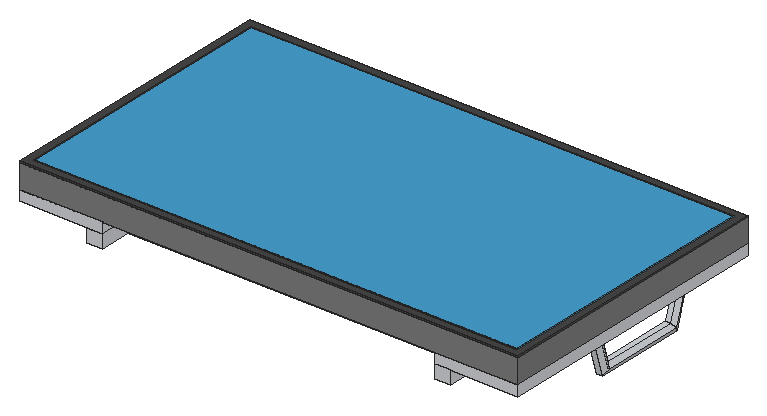
Revit family
Parameters (values of type "P461")
  URL = "http://www.necdisplay.com/Products/Product/?product=b50d4ad8-39ff-43f6-a81b-618bc437db40"
  Display (Viewing Angle) = "89º"
  Display (Viewable image Size) = 46.000"
  VESA Hole Configuration Specifications = "300 x 300mm (4 hole)"
  Sync Range (Vert.) = "50-85 Hz"
  Sync Range (Horiz) = "31.5 to 91.1 KHz"
  Screen Thickness = 2.130"
  Power Consumption = "199 W"
  Display (Repsonse Time) = "8ms gray-to-gray"
  Display (Pixel Pitch) = "0.53 mm"
  Display (Pixel Per inch) = "34 @ native resolution"
  Panel height = 19.190"
  Panel Width = 31.690"
  Panel Thickness = 2.240"
  Overall Width = 41.590"
  Overall Height = 23.980"
  Native Resolution = "1920 X 1080"
  Model = "P461"
  Manufacturer = "NEC"
  Input Signal (Video) = "ANALOG RGB 0.7 Vp-p/75 Ohms"
  Input Signal (Sync) = "Separate: TTL Level (Pos/Neg); Composite Sync; Composite Sync on Green"
  Input Connectors = "DVI-D, 15pin Dsub, Analog BNC, Composite (Shared RCA/BNC), S-Video, Component, HDMI, DisplayPort"
  Display (Contrast Ratio) = "4000:1"
  Display (Brightness) = "500 cd/m2 (typ); 650 (max)"
  Description = "Large-Screen LCD Display Business"
  Default Elevation = 48.000"
  Cost = 1999
Reference planes (in)
  plane 1 "Center (Front/Back)": y = 0
  plane 2: z = 0
  plane 3 "Center (Left/Right)": x = 0
  plane 4 "front of panel": z = 2.6
  plane 5 "Back of Screen": z = 3.49
  plane 6 "Face of Screen": z = 5.49
  plane 7 "right Panel Face": x = 15.845
  plane 8 "left panel face": x = -15.845
  plane 9 "handle": x = -19.86723
  plane 10 "handle bottom": z = 2.4
  plane 11: x = 19.86723
  plane 12 "bottom face": y = -13.025
  plane 13 "panel bottom": y = -8.285
Forms (in)
  Extrusion 1, solid, not visible
    sketch origin (0, 0, 0) x (1, 0, 0) y (0, 1, 0)
      loop
        line (-48, 48) -> (-48, -48) -> (48, -48) -> (48, 48) -> (-48, 48)
    from 0 to -12
  Extrusion 2, solid
    sketch origin (0, 0, 0) x (1, 0, 0) y (0, 1, 0)
      loop
        line (-15.845, 8.285) -> (-15.845, -8.285) -> (15.845, -8.285) -> (15.845, 8.285) -> (-15.845, 8.285)
    from 0 to 3.49
  Extrusion 3, solid
    sketch origin (0, 0, 2.6) x (1, 0, 0) y (0, 1, 0)
      loop
        line (-20.795, 10.955) -> (-20.795, -13.025) -> (20.795, -13.025) -> (20.795, 10.955) -> (-20.795, 10.955)
    from 0 to 0.89
  Extrusion 4, solid, material "Render Material 0-255-0"
    sketch origin (0, 0, 3.49) x (0, 1, 0) y (-1, 0, 0)
      loop
        line (10.955, 20.795) -> (-13.025, 20.795) -> (-13.025, -20.795) -> (10.955, -20.795) -> (10.955, 20.795)
    from 0 to 2
  Extrusion 5, solid, material "Render Material 255-255-255"
    sketch origin (0, 0, 5.49) x (0, -1, 0) y (1, 0, 0)
      loop
        line (-10.955, -20.795) -> (13.025, -20.795) -> (13.025, 20.795) -> (-10.955, 20.795) -> (-10.955, -20.795)
      loop
        line (12.375, -20.145) -> (12.375, 20.145) -> (-10.305, 20.145) -> (-10.305, -20.145) -> (12.375, -20.145)
    from 0 to 0.13
  Extrusion 6, solid
    sketch origin (-15.845, 0, 0) x (0, -1, 0) y (0, 0, 1)
      loop
        line (-8.285, 2.6) -> (-5.685, 0) -> (-5.685, 2.6) -> (-8.285, 2.6)
    from 0 to -31.69
  Extrusion 7, void
    sketch origin (-15.845, 0, 0) x (0, -1, 0) y (0, 0, 1)
      loop
        line (-8.285, 2.6) -> (-8.285, 0) -> (-5.685, 0) -> (-8.285, 2.6)
    from 0 to -31.69
  Extrusion 8, solid
    sketch origin (-39.57928, -1.65048, 2.6) x (1, 0, 0) y (0, 1, 0)
      loop
        line (19.21205, 7.35205) -> (19.21205, 5.85205) -> (20.21205, 5.85205) -> (20.21205, 7.35205) -> (19.21205, 7.35205)
    from 0 to -0.2
  Extrusion 9, solid
    sketch origin (-39.57928, -10.40048, 2.6) x (1, 0, 0) y (0, 1, 0)
      loop
        line (19.21205, 7.35205) -> (19.21205, 5.85205) -> (20.21205, 5.85205) -> (20.21205, 7.35205) -> (19.21205, 7.35205)
    from 0 to -0.2
  Sweep 10, solid
    path in 3D
      loop
        line (-19.86723, 4.95157, 2.4) -> (-19.86723, 4.12518, 0) -> (-19.86723, -3.06468, 0) -> (-19.86723, -3.79843, 2.4)
    profile origin (-19.86723, 4.53838, 1.2) x (0, -0.945519, 0.325568) y (-1, 0, 0)
      loop
        line (-0.04579, 0.47759) -> (-0.43686, 0.2388) -> (-0.43686, -0.2388) -> (-0.04579, -0.47759) -> (0.34528, -0.2388) -> (0.34528, 0.2388) -> (-0.04579, 0.47759)
  Extrusion 11, solid
    sketch origin (39.57928, -1.65048, 2.6) x (-1, 0, 0) y (0, -1, 0)
      loop
        line (19.21205, -7.35205) -> (20.21205, -7.35205) -> (20.21205, -5.85205) -> (19.21205, -5.85205) -> (19.21205, -7.35205)
    from 0 to -0.2
  Extrusion 12, solid
    sketch origin (39.57928, -10.40048, 2.6) x (-1, 0, 0) y (0, -1, 0)
      loop
        line (19.21205, -7.35205) -> (20.21205, -7.35205) -> (20.21205, -5.85205) -> (19.21205, -5.85205) -> (19.21205, -7.35205)
    from 0 to -0.2
  Sweep 13, solid
    path in 3D
      loop
        line (19.86723, 4.95157, 2.4) -> (19.86723, 4.12518, 0) -> (19.86723, -3.06468, 0) -> (19.86723, -3.79843, 2.4)
    profile origin (19.86723, 4.53838, 1.2) x (0, 0.945519, -0.325568) y (1, 0, 0)
      loop
        line (-0.04579, 0.47759) -> (-0.43686, 0.2388) -> (-0.43686, -0.2388) -> (-0.04579, -0.47759) -> (0.34528, -0.2388) -> (0.34528, 0.2388) -> (-0.04579, 0.47759)
  Extrusion 14, void, detail levels fine
    sketch origin (0, 0, 2.6) x (1, 0, 0) y (0, 1, 0)
      loop
        line (-13.86708, -8.285) -> (-13.86708, -13.025) -> (13.86708, -13.025) -> (13.86708, -8.285) -> (-13.86708, -8.285)
    from 0 to 0.89
  Extrusion 15, solid
    sketch origin (0, 0, 2.6) x (1, 0, 0) y (0, 1, 0)
      loop
        line (13.86708, -8.285) -> (13.86708, -13.025) -> (15.17428, -13.025) -> (15.17428, -8.285) -> (13.86708, -8.285)
    from 0 to -1.10405
  Extrusion 16, solid
    sketch origin (0, 0, 2.6) x (-1, 0, 0) y (0, -1, 0)
      loop
        line (13.86708, 8.285) -> (15.17428, 8.285) -> (15.17428, 13.025) -> (13.86708, 13.025) -> (13.86708, 8.285)
    from 0 to -1.10405
  Extrusion 17, solid, material "Render Material 255-255-0"
    sketch origin (0, 0, 5.49) x (0, -1, 0) y (1, 0, 0)
      loop
        line (-10.305, -20.145) -> (12.375, -20.145) -> (12.375, 20.145) -> (-10.305, 20.145) -> (-10.305, -20.145)
    from 0 to 0.13
Cuts and joins
  Extrusion 7, Extrusion 14 cuts Extrusion 2
  Extrusion 7, Extrusion 14 cuts Extrusion 6
  joined: Extrusion 2, Extrusion 6
  Extrusion 7, Extrusion 14 cuts Extrusion 3
  Extrusion 14 cuts Extrusion 4
Lines and regions (in)
  reference lines
    curve 1: line (-15.845, 8.285, 0) -> (15.845, 8.285, 0)
    curve 2: line (-15.845, -8.285, 0) -> (-15.845, 8.285, 0)
    curve 3: line (15.845, -8.285, 0) -> (-15.845, -8.285, 0)
    curve 4: line (15.845, 8.285, 0) -> (15.845, -8.285, 0)
    curve 5: line (-20.795, 10.955, 2.6) -> (20.795, 10.955, 2.6)
    curve 6: line (-20.795, -13.025, 2.6) -> (-20.795, 10.955, 2.6)
    curve 7: line (20.795, -13.025, 2.6) -> (-20.795, -13.025, 2.6)
    curve 8: line (20.795, 10.955, 2.6) -> (20.795, -13.025, 2.6)
    curve 9: line (-15.845, 8.285, 2.6) -> (-15.845, 17.285, 2.6)
    curve 10: line (15.845, 8.285, 2.6) -> (15.845, 17.285, 2.6)
    curve 11: line (15.845, 8.285, 2.6) -> (25.845, 8.285, 2.6)
    curve 12: line (-20.795, 10.955, 2.6) -> (-34.795, 10.955, 2.6)
    curve 13: line (-20.795, -13.025, 2.6) -> (-34.795, -13.025, 2.6)
    curve 14: line (20.795, -13.025, 2.6) -> (20.795, -23.025, 2.6)
    curve 15: line (-20.795, -13.025, 2.6) -> (-20.795, -23.025, 2.6)
    curve 16: line (-14.845, -8.285, 2.6) -> (-34.795, -8.285, 2.6)
    curve 17: line (-20.145, 17.285, 5.49) -> (-20.145, -16.715, 5.49)
    curve 18: line (-26.06456, -12.375, 5.49) -> (25.845, -12.375, 5.49)
    curve 19: line (-26.06456, 10.305, 5.49) -> (26.93544, 10.305, 5.49)
    curve 20: line (20.145, 19.3493, 5.49) -> (20.145, -18.6507, 5.49)
    curve 21: line (-15.845, 8.285, 0) -> (-15.845, 24.285, 0)
    curve 22: line (20.795, 10.955, 2.6) -> (27.795, 10.955, 2.6)
    curve 23: line (15.845, 10.955, 3.49) -> (26.845, 10.955, 3.49)
    curve 24: line (20.795, 10.955, 3.49) -> (36.795, 10.955, 3.49)
    curve 25: line (20.795, 10.955, 3.49) -> (20.795, 19.205, 3.49)
    curve 26: line (20.795, 10.955, 3.49) -> (18.045, 6.19186, 3.49)
    curve 27: line (15.845, 3.75, 3.49) -> (7.595, 3.75, 3.49)
    curve 29: line (-19.86723, 5.70157, 2.6) -> (-19.86723, -4.54843, 2.6)
    curve 30: line (-19.86723, 5.70157, 0) -> (-19.86723, -4.54843, 0)
    curve 31: line (-19.86723, 5.70157, 0) -> (-19.86723, -4.54843, 0)
    curve 32: line (-19.86723, 4.95157, 2.4) -> (-19.86723, 4.12518, 0)
    curve 33: line (-19.86723, 4.12518, 0) -> (-19.86723, -3.06468, 0)
    curve 34: line (-19.86723, -3.06468, 0) -> (-19.86723, -3.79843, 2.4)
    curve 65: line (-20.795, 10.955, 2.6) -> (-20.795, 26.955, 2.6)
    curve 66: line (-21.05804, 11.74459, 3.49) -> (-21.05804, 27.74459, 3.49)
    curve 67: line (20.795, 10.955, 2.6) -> (20.795, 22.955, 2.6)
    curve 68: line (5.915, -27.25541, 2.6) -> (5.915, 27.74459, 2.6)
    curve 69: line (-5.915, -27.25541, 2.6) -> (-5.915, 27.74459, 2.6)
    curve 70: line (-26.06456, 4.875, 2.6) -> (39.93544, 4.875, 2.6)
    curve 71: line (0, -8.285, 3.49) -> (0, -36.285, 3.49)
    curve 72: line (14.505, -8.285, 3.49) -> (14.505, -36.285, 3.49)
    curve 73: line (-14.505, -8.285, 3.49) -> (-14.505, -36.285, 3.49)
  model lines
    curve 28: line (18.895, 10.955, 3.49) -> (18.895, -13.025, 3.49)
    curve 35: line (-20.10602, 4.58639, 2.4) -> (-19.62843, 4.58639, 2.4)
    curve 36: line (-19.62843, 4.58639, 2.4) -> (-19.38963, 5, 2.4)
    curve 37: line (-19.38963, 5, 2.4) -> (-19.62843, 5.41361, 2.4)
    curve 38: line (-19.62843, 5.41361, 2.4) -> (-20.10602, 5.41361, 2.4)
    curve 39: line (-20.10602, 5.41361, 2.4) -> (-20.34482, 5, 2.4)
    curve 40: line (-20.34482, 5, 2.4) -> (-20.10602, 4.58639, 2.4)
    curve 41: line (-19.86723, 4.95157, 2.4) -> (-19.86723, 4.12518, 0)
    curve 42: line (-19.86723, 4.12518, 0) -> (-19.86723, -3.06468, 0)
    curve 43: line (-19.86723, -3.06468, 0) -> (-19.86723, -3.79843, 2.4)
    curve 47: line (20.10602, 4.58639, 2.4) -> (19.62843, 4.58639, 2.4)
    curve 48: line (19.62843, 4.58639, 2.4) -> (19.38963, 5, 2.4)
    curve 49: line (19.38963, 5, 2.4) -> (19.62843, 5.41361, 2.4)
    curve 50: line (19.62843, 5.41361, 2.4) -> (20.10602, 5.41361, 2.4)
    curve 51: line (20.10602, 5.41361, 2.4) -> (20.34482, 5, 2.4)
    curve 52: line (20.34482, 5, 2.4) -> (20.10602, 4.58639, 2.4)
    curve 53: line (19.86723, 4.95157, 2.4) -> (19.86723, 4.12518, 0)
    curve 54: line (19.86723, 4.12518, 0) -> (19.86723, -3.06468, 0)
    curve 55: line (19.86723, -3.06468, 0) -> (19.86723, -3.79843, 2.4)
    curve 59: line (18.895, 10.955, 2.6) -> (18.895, -13.025, 2.6)
    curve 60: line (15.845, 10.955, 2.6) -> (15.845, -8.285, 2.6)
    curve 61: line (-18.895, 10.955, 2.6) -> (-18.895, -13.025, 2.6)
    curve 62: line (-15.845, 10.955, 2.6) -> (-15.845, -8.285, 2.6)
    curve 63: line (15.17428, -8.285, 2.6) -> (15.17428, -13.025, 2.6)
    curve 64: line (-15.17428, -8.285, 2.6) -> (-15.17428, -13.025, 2.6)
    curve 74: line (15.17428, -8.285, 2.6) -> (15.17428, -13.025, 2.6)
    curve 75: line (-1.38142, -8.285, 1.5748) -> (-1.81372, -8.285, 1.5748)
    curve 76: arc (-1.81372, -8.285, 1.5748) -> (-1.87539, -8.285, 1.55309) -> (-1.90985, -8.285, 1.49752) r 0.09843
    curve 77: line (-1.90985, -8.285, 1.49752) -> (-1.95316, -8.285, 1.30067)
    curve 78: arc (-1.95316, -8.285, 1.30067) -> (-1.93374, -8.285, 1.21786) -> (-1.85703, -8.285, 1.1811) r 0.09843
    curve 79: line (-1.85703, -8.285, 1.1811) -> (-1.33812, -8.285, 1.1811)
    curve 80: arc (-1.33812, -8.285, 1.1811) -> (-1.26141, -8.285, 1.21786) -> (-1.24199, -8.285, 1.30067) r 0.09843
    curve 81: line (-1.24199, -8.285, 1.30067) -> (-1.2853, -8.285, 1.49752)
    curve 82: arc (-1.2853, -8.285, 1.49752) -> (-1.31975, -8.285, 1.55309) -> (-1.38142, -8.285, 1.5748) r 0.09843
    curve 83: line (-1.39644, -8.285, 1.53346) -> (-1.79753, -8.285, 1.53346)
    curve 84: arc (-1.79753, -8.285, 1.53346) -> (-1.84814, -8.285, 1.51504) -> (-1.87507, -8.285, 1.4684) r 0.07874
    curve 85: line (-1.90214, -8.285, 1.31485) -> (-1.87507, -8.285, 1.4684)
    curve 86: arc (-1.90214, -8.285, 1.31485) -> (-1.88492, -8.285, 1.25057) -> (-1.8246, -8.285, 1.22244) r 0.07874
    curve 87: line (-1.36936, -8.285, 1.22244) -> (-1.8246, -8.285, 1.22244)
    curve 88: arc (-1.36936, -8.285, 1.22244) -> (-1.30905, -8.285, 1.25057) -> (-1.29182, -8.285, 1.31485) r 0.07874
    curve 89: line (-1.29182, -8.285, 1.31485) -> (-1.31889, -8.285, 1.4684)
    curve 90: arc (-1.31889, -8.285, 1.4684) -> (-1.34583, -8.285, 1.51504) -> (-1.39644, -8.285, 1.53346) r 0.07874
    curve 91: line (-1.79753, -8.285, 1.51378) -> (-1.39644, -8.285, 1.51378)
    curve 92: arc (-1.79753, -8.285, 1.51378) -> (-1.83549, -8.285, 1.49996) -> (-1.85568, -8.285, 1.46498) r 0.05906
    curve 93: arc (-1.33828, -8.285, 1.46498) -> (-1.35848, -8.285, 1.49996) -> (-1.39644, -8.285, 1.51378) r 0.05906
    curve 94: line (-1.33828, -8.285, 1.46498) -> (-1.31121, -8.285, 1.31143)
    curve 95: arc (-1.36936, -8.285, 1.24212) -> (-1.32413, -8.285, 1.26322) -> (-1.31121, -8.285, 1.31143) r 0.05905
    curve 96: line (-1.8246, -8.285, 1.24212) -> (-1.36936, -8.285, 1.24212)
    curve 97: arc (-1.88276, -8.285, 1.31143) -> (-1.86984, -8.285, 1.26322) -> (-1.8246, -8.285, 1.24212) r 0.05905
    curve 98: line (-1.85568, -8.285, 1.46498) -> (-1.88276, -8.285, 1.31143)
    curve 99: circle (-1.40683, -8.285, 1.45886) r 0.01969 normal (0, -1, 0)
    curve 100: circle (-1.49698, -8.285, 1.45886) r 0.01969 normal (0, -1, 0)
    curve 101: circle (-1.58714, -8.285, 1.45886) r 0.01969 normal (0, -1, 0)
    curve 102: circle (-1.6773, -8.285, 1.45886) r 0.01969 normal (0, -1, 0)
    curve 103: circle (-1.76745, -8.285, 1.45886) r 0.01969 normal (0, -1, 0)
    curve 104: circle (-1.81253, -8.285, 1.3809) r 0.01969 normal (0, -1, 0)
    curve 105: circle (-1.72238, -8.285, 1.3809) r 0.01969 normal (0, -1, 0)
    curve 106: circle (-1.63222, -8.285, 1.3809) r 0.01969 normal (0, -1, 0)
    curve 107: circle (-1.54206, -8.285, 1.3809) r 0.01969 normal (0, -1, 0)
    curve 108: circle (-1.4519, -8.285, 1.3809) r 0.01969 normal (0, -1, 0)
    curve 109: circle (-1.40683, -8.285, 1.30295) r 0.01969 normal (0, -1, 0)
    curve 110: circle (-1.49698, -8.285, 1.30295) r 0.01969 normal (0, -1, 0)
    curve 111: circle (-1.58714, -8.285, 1.30295) r 0.01969 normal (0, -1, 0)
    curve 112: circle (-1.6773, -8.285, 1.30295) r 0.01969 normal (0, -1, 0)
    curve 113: circle (-1.76745, -8.285, 1.30295) r 0.01969 normal (0, -1, 0)
    curve 114: line (-1.19541, -8.285, 1.43012) -> (-1.19541, -8.285, 1.32579)
    curve 115: line (-1.0147, -8.285, 1.32579) -> (-1.0147, -8.285, 1.43012)
    curve 116: line (-1.10505, -8.285, 1.48228) -> (-1.19541, -8.285, 1.43012)
    curve 117: line (-1.0147, -8.285, 1.43012) -> (-1.10505, -8.285, 1.48228)
    curve 118: line (-1.10505, -8.285, 1.27362) -> (-1.0147, -8.285, 1.32579)
    curve 119: line (-1.19541, -8.285, 1.32579) -> (-1.10505, -8.285, 1.27362)
    curve 120: line (-1.1645, -8.285, 2.36023) -> (-2.03064, -8.285, 2.36023)
    curve 121: arc (-2.03064, -8.285, 2.36023) -> (-2.10024, -8.285, 2.33141) -> (-2.12907, -8.285, 2.26181) r 0.09843
    curve 122: line (-2.12907, -8.285, 2.26181) -> (-2.12907, -8.285, 2.10039)
    curve 123: arc (-2.12907, -8.285, 2.10039) -> (-2.10024, -8.285, 2.03079) -> (-2.03064, -8.285, 2.00197) r 0.09843
    curve 124: line (-2.03064, -8.285, 2.00197) -> (-1.1645, -8.285, 2.00197)
    curve 125: arc (-1.1645, -8.285, 2.00197) -> (-1.09491, -8.285, 2.03079) -> (-1.06608, -8.285, 2.10039) r 0.09843
    curve 126: line (-1.06608, -8.285, 2.10039) -> (-1.06608, -8.285, 2.26181)
    curve 127: arc (-1.06608, -8.285, 2.26181) -> (-1.09491, -8.285, 2.33141) -> (-1.1645, -8.285, 2.36023) r 0.09843
    curve 128: line (-1.20041, -8.285, 2.33267) -> (-1.99355, -8.285, 2.33267)
    curve 129: arc (-1.99355, -8.285, 2.33267) -> (-2.0246, -8.285, 2.32386) -> (-2.04638, -8.285, 2.30003) r 0.05906
    curve 130: line (-2.06319, -8.285, 2.2664) -> (-2.04638, -8.285, 2.30003)
    curve 131: line (-2.06942, -8.285, 2.08858) -> (-2.06942, -8.285, 2.23999)
    curve 132: arc (-2.06942, -8.285, 2.08858) -> (-2.05213, -8.285, 2.04682) -> (-2.01037, -8.285, 2.02953) r 0.05906
    curve 133: line (-1.1836, -8.285, 2.02953) -> (-2.01037, -8.285, 2.02953)
    curve 134: arc (-1.1836, -8.285, 2.02953) -> (-1.14184, -8.285, 2.04682) -> (-1.12454, -8.285, 2.08858) r 0.05906
    curve 135: line (-1.12454, -8.285, 2.08858) -> (-1.12454, -8.285, 2.23999)
    curve 136: arc (-1.14759, -8.285, 2.30003) -> (-1.16936, -8.285, 2.32386) -> (-1.20041, -8.285, 2.33267) r 0.05906
    curve 137: line (-1.13078, -8.285, 2.2664) -> (-1.14759, -8.285, 2.30003)
    curve 138: line (-1.78448, -8.285, 2.28602) -> (-1.72543, -8.285, 2.28602)
    curve 139: line (-1.78448, -8.285, 2.22697) -> (-1.78448, -8.285, 2.28602)
    curve 140: line (-1.72543, -8.285, 2.22697) -> (-1.78448, -8.285, 2.22697)
    curve 141: line (-1.72543, -8.285, 2.28602) -> (-1.72543, -8.285, 2.22697)
    curve 142: line (-1.70948, -8.285, 2.28602) -> (-1.65043, -8.285, 2.28602)
    curve 143: line (-1.70948, -8.285, 2.22697) -> (-1.70948, -8.285, 2.28602)
    curve 144: line (-1.65043, -8.285, 2.22697) -> (-1.70948, -8.285, 2.22697)
    curve 145: line (-1.65043, -8.285, 2.28602) -> (-1.65043, -8.285, 2.22697)
    curve 146: line (-1.63448, -8.285, 2.28602) -> (-1.57543, -8.285, 2.28602)
    curve 147: line (-1.63448, -8.285, 2.22697) -> (-1.63448, -8.285, 2.28602)
    curve 148: line (-1.57543, -8.285, 2.22697) -> (-1.63448, -8.285, 2.22697)
    curve 149: line (-1.57543, -8.285, 2.28602) -> (-1.57543, -8.285, 2.22697)
    curve 150: line (-1.55948, -8.285, 2.28602) -> (-1.50043, -8.285, 2.28602)
    curve 151: line (-1.55948, -8.285, 2.22697) -> (-1.55948, -8.285, 2.28602)
    curve 152: line (-1.50043, -8.285, 2.22697) -> (-1.55948, -8.285, 2.22697)
    curve 153: line (-1.50043, -8.285, 2.28602) -> (-1.50043, -8.285, 2.22697)
    curve 154: line (-1.48448, -8.285, 2.28602) -> (-1.42543, -8.285, 2.28602)
    curve 155: line (-1.48448, -8.285, 2.22697) -> (-1.48448, -8.285, 2.28602)
    curve 156: line (-1.42543, -8.285, 2.22697) -> (-1.48448, -8.285, 2.22697)
    curve 157: line (-1.42543, -8.285, 2.28602) -> (-1.42543, -8.285, 2.22697)
    curve 158: line (-1.40948, -8.285, 2.28602) -> (-1.35043, -8.285, 2.28602)
    curve 159: line (-1.40948, -8.285, 2.22697) -> (-1.40948, -8.285, 2.28602)
    curve 160: line (-1.35043, -8.285, 2.22697) -> (-1.40948, -8.285, 2.22697)
    curve 161: line (-1.35043, -8.285, 2.28602) -> (-1.35043, -8.285, 2.22697)
    curve 162: line (-1.33448, -8.285, 2.28602) -> (-1.27543, -8.285, 2.28602)
    curve 163: line (-1.33448, -8.285, 2.22697) -> (-1.33448, -8.285, 2.28602)
    curve 164: line (-1.27543, -8.285, 2.22697) -> (-1.33448, -8.285, 2.22697)
    curve 165: line (-1.27543, -8.285, 2.28602) -> (-1.27543, -8.285, 2.22697)
    curve 166: line (-1.25948, -8.285, 2.28602) -> (-1.20043, -8.285, 2.28602)
    curve 167: line (-1.25948, -8.285, 2.22697) -> (-1.25948, -8.285, 2.28602)
    curve 168: line (-1.20043, -8.285, 2.22697) -> (-1.25948, -8.285, 2.22697)
    curve 169: line (-1.20043, -8.285, 2.28602) -> (-1.20043, -8.285, 2.22697)
    curve 170: line (-1.78448, -8.285, 2.21102) -> (-1.72543, -8.285, 2.21102)
    curve 171: line (-1.78448, -8.285, 2.15197) -> (-1.78448, -8.285, 2.21102)
    curve 172: line (-1.72543, -8.285, 2.15197) -> (-1.78448, -8.285, 2.15197)
    curve 173: line (-1.72543, -8.285, 2.21102) -> (-1.72543, -8.285, 2.15197)
    curve 174: line (-1.70948, -8.285, 2.21102) -> (-1.65043, -8.285, 2.21102)
    curve 175: line (-1.70948, -8.285, 2.15197) -> (-1.70948, -8.285, 2.21102)
    curve 176: line (-1.65043, -8.285, 2.15197) -> (-1.70948, -8.285, 2.15197)
    curve 177: line (-1.65043, -8.285, 2.21102) -> (-1.65043, -8.285, 2.15197)
    curve 178: line (-1.63448, -8.285, 2.21102) -> (-1.57543, -8.285, 2.21102)
    curve 179: line (-1.63448, -8.285, 2.15197) -> (-1.63448, -8.285, 2.21102)
    curve 180: line (-1.57543, -8.285, 2.15197) -> (-1.63448, -8.285, 2.15197)
    curve 181: line (-1.57543, -8.285, 2.21102) -> (-1.57543, -8.285, 2.15197)
    curve 182: line (-1.55948, -8.285, 2.21102) -> (-1.50043, -8.285, 2.21102)
    curve 183: line (-1.55948, -8.285, 2.15197) -> (-1.55948, -8.285, 2.21102)
    curve 184: line (-1.50043, -8.285, 2.15197) -> (-1.55948, -8.285, 2.15197)
    curve 185: line (-1.50043, -8.285, 2.21102) -> (-1.50043, -8.285, 2.15197)
    curve 186: line (-1.48448, -8.285, 2.21102) -> (-1.42543, -8.285, 2.21102)
    curve 187: line (-1.48448, -8.285, 2.15197) -> (-1.48448, -8.285, 2.21102)
    curve 188: line (-1.42543, -8.285, 2.15197) -> (-1.48448, -8.285, 2.15197)
    curve 189: line (-1.42543, -8.285, 2.21102) -> (-1.42543, -8.285, 2.15197)
    curve 190: line (-1.40948, -8.285, 2.21102) -> (-1.35043, -8.285, 2.21102)
    curve 191: line (-1.40948, -8.285, 2.15197) -> (-1.40948, -8.285, 2.21102)
    curve 192: line (-1.35043, -8.285, 2.15197) -> (-1.40948, -8.285, 2.15197)
    curve 193: line (-1.35043, -8.285, 2.21102) -> (-1.35043, -8.285, 2.15197)
    curve 194: line (-1.33448, -8.285, 2.21102) -> (-1.27543, -8.285, 2.21102)
    curve 195: line (-1.33448, -8.285, 2.15197) -> (-1.33448, -8.285, 2.21102)
    curve 196: line (-1.27543, -8.285, 2.15197) -> (-1.33448, -8.285, 2.15197)
    curve 197: line (-1.27543, -8.285, 2.21102) -> (-1.27543, -8.285, 2.15197)
    curve 198: line (-1.25948, -8.285, 2.21102) -> (-1.20043, -8.285, 2.21102)
    curve 199: line (-1.25948, -8.285, 2.15197) -> (-1.25948, -8.285, 2.21102)
    curve 200: line (-1.20043, -8.285, 2.15197) -> (-1.25948, -8.285, 2.15197)
    curve 201: line (-1.20043, -8.285, 2.21102) -> (-1.20043, -8.285, 2.15197)
    curve 202: line (-1.78448, -8.285, 2.13602) -> (-1.72543, -8.285, 2.13602)
    curve 203: line (-1.78448, -8.285, 2.07697) -> (-1.78448, -8.285, 2.13602)
    curve 204: line (-1.72543, -8.285, 2.07697) -> (-1.78448, -8.285, 2.07697)
    curve 205: line (-1.72543, -8.285, 2.13602) -> (-1.72543, -8.285, 2.07697)
    curve 206: line (-1.70948, -8.285, 2.13602) -> (-1.65043, -8.285, 2.13602)
    curve 207: line (-1.70948, -8.285, 2.07697) -> (-1.70948, -8.285, 2.13602)
    curve 208: line (-1.65043, -8.285, 2.07697) -> (-1.70948, -8.285, 2.07697)
    curve 209: line (-1.65043, -8.285, 2.13602) -> (-1.65043, -8.285, 2.07697)
    curve 210: line (-1.63448, -8.285, 2.13602) -> (-1.57543, -8.285, 2.13602)
    curve 211: line (-1.63448, -8.285, 2.07697) -> (-1.63448, -8.285, 2.13602)
    curve 212: line (-1.57543, -8.285, 2.07697) -> (-1.63448, -8.285, 2.07697)
    curve 213: line (-1.57543, -8.285, 2.13602) -> (-1.57543, -8.285, 2.07697)
    curve 214: line (-1.55948, -8.285, 2.13602) -> (-1.50043, -8.285, 2.13602)
    curve 215: line (-1.55948, -8.285, 2.07697) -> (-1.55948, -8.285, 2.13602)
    curve 216: line (-1.50043, -8.285, 2.07697) -> (-1.55948, -8.285, 2.07697)
    curve 217: line (-1.50043, -8.285, 2.13602) -> (-1.50043, -8.285, 2.07697)
    curve 218: line (-1.48448, -8.285, 2.13602) -> (-1.42543, -8.285, 2.13602)
    curve 219: line (-1.48448, -8.285, 2.07697) -> (-1.48448, -8.285, 2.13602)
    curve 220: line (-1.42543, -8.285, 2.07697) -> (-1.48448, -8.285, 2.07697)
    curve 221: line (-1.42543, -8.285, 2.13602) -> (-1.42543, -8.285, 2.07697)
    curve 222: line (-1.40948, -8.285, 2.13602) -> (-1.35043, -8.285, 2.13602)
    curve 223: line (-1.40948, -8.285, 2.07697) -> (-1.40948, -8.285, 2.13602)
    curve 224: line (-1.35043, -8.285, 2.07697) -> (-1.40948, -8.285, 2.07697)
    curve 225: line (-1.35043, -8.285, 2.13602) -> (-1.35043, -8.285, 2.07697)
    curve 226: line (-1.33448, -8.285, 2.13602) -> (-1.27543, -8.285, 2.13602)
    curve 227: line (-1.33448, -8.285, 2.07697) -> (-1.33448, -8.285, 2.13602)
    curve 228: line (-1.27543, -8.285, 2.07697) -> (-1.33448, -8.285, 2.07697)
    curve 229: line (-1.27543, -8.285, 2.13602) -> (-1.27543, -8.285, 2.07697)
    curve 230: line (-1.25948, -8.285, 2.13602) -> (-1.20043, -8.285, 2.13602)
    curve 231: line (-1.25948, -8.285, 2.07697) -> (-1.25948, -8.285, 2.13602)
    curve 232: line (-1.20043, -8.285, 2.07697) -> (-1.25948, -8.285, 2.07697)
    curve 233: line (-1.20043, -8.285, 2.13602) -> (-1.20043, -8.285, 2.07697)
    curve 234: line (-1.99355, -8.285, 2.31299) -> (-1.20041, -8.285, 2.31299)
    curve 235: line (-1.20041, -8.285, 2.30512) -> (-1.99355, -8.285, 2.30512)
    curve 236: line (-2.01037, -8.285, 2.05708) -> (-1.1836, -8.285, 2.05708)
    curve 237: line (-2.01037, -8.285, 2.04921) -> (-1.1836, -8.285, 2.04921)
    curve 238: arc (-2.04974, -8.285, 2.08858) -> (-2.03821, -8.285, 2.06074) -> (-2.01037, -8.285, 2.04921) r 0.03937
    curve 239: arc (-2.04186, -8.285, 2.08858) -> (-2.03264, -8.285, 2.06631) -> (-2.01037, -8.285, 2.05708) r 0.0315
    curve 240: line (-2.04186, -8.285, 2.24) -> (-2.04186, -8.285, 2.08858)
    curve 241: line (-2.04974, -8.285, 2.23999) -> (-2.04974, -8.285, 2.08858)
    curve 242: arc (-1.1836, -8.285, 2.04921) -> (-1.15576, -8.285, 2.06074) -> (-1.14423, -8.285, 2.08858) r 0.03937
    curve 243: arc (-1.1836, -8.285, 2.05708) -> (-1.16133, -8.285, 2.06631) -> (-1.1521, -8.285, 2.08858) r 0.0315
    curve 244: line (-1.14423, -8.285, 2.23999) -> (-1.14423, -8.285, 2.08858)
    curve 245: line (-1.1521, -8.285, 2.08858) -> (-1.1521, -8.285, 2.24)
    curve 246: line (-1.15543, -8.285, 2.25408) -> (-1.17224, -8.285, 2.28771)
    curve 247: arc (-1.17224, -8.285, 2.28771) -> (-1.18385, -8.285, 2.30041) -> (-1.20041, -8.285, 2.30512) r 0.0315
    curve 248: arc (-1.1652, -8.285, 2.29123) -> (-1.17971, -8.285, 2.30711) -> (-1.20041, -8.285, 2.31299) r 0.03937
    curve 249: line (-1.1652, -8.285, 2.29123) -> (-1.14838, -8.285, 2.2576)
    curve 250: arc (-1.99355, -8.285, 2.31299) -> (-2.01425, -8.285, 2.30711) -> (-2.02877, -8.285, 2.29123) r 0.03937
    curve 251: arc (-1.99355, -8.285, 2.30512) -> (-2.01011, -8.285, 2.30041) -> (-2.02173, -8.285, 2.28771) r 0.0315
    curve 252: line (-2.02173, -8.285, 2.28771) -> (-2.03854, -8.285, 2.25408)
    curve 253: line (-2.02877, -8.285, 2.29123) -> (-2.04558, -8.285, 2.2576)
    curve 254: line (-1.04738, -8.285, 2.23327) -> (-0.95702, -8.285, 2.28543)
    curve 255: line (-0.95702, -8.285, 2.28543) -> (-0.86667, -8.285, 2.23327)
    curve 256: line (-0.86667, -8.285, 2.23327) -> (-0.86667, -8.285, 2.12893)
    curve 257: line (-0.86667, -8.285, 2.12893) -> (-0.95702, -8.285, 2.07677)
    curve 258: line (-0.95702, -8.285, 2.07677) -> (-1.04738, -8.285, 2.12893)
    curve 259: line (-1.04738, -8.285, 2.12893) -> (-1.04738, -8.285, 2.23327)
    curve 260: line (-2.32832, -8.285, 2.23327) -> (-2.23797, -8.285, 2.28543)
    curve 261: line (-2.23797, -8.285, 2.28543) -> (-2.14761, -8.285, 2.23327)
    curve 262: line (-2.14761, -8.285, 2.23327) -> (-2.14761, -8.285, 2.12893)
    curve 263: line (-2.14761, -8.285, 2.12893) -> (-2.23797, -8.285, 2.07677)
    curve 264: line (-2.23797, -8.285, 2.07677) -> (-2.32832, -8.285, 2.12893)
    curve 265: line (-2.32832, -8.285, 2.12893) -> (-2.32832, -8.285, 2.23327)
    curve 266: line (-2.17926, -8.285, 1.43012) -> (-2.17926, -8.285, 1.32579)
    curve 267: line (-1.99856, -8.285, 1.32579) -> (-1.99856, -8.285, 1.43012)
    curve 268: line (-2.08891, -8.285, 1.48228) -> (-2.17926, -8.285, 1.43012)
    curve 269: line (-1.99856, -8.285, 1.43012) -> (-2.08891, -8.285, 1.48228)
    curve 270: line (-2.08891, -8.285, 1.27362) -> (-1.99856, -8.285, 1.32579)
    curve 271: line (-2.17926, -8.285, 1.32579) -> (-2.08891, -8.285, 1.27362)
    curve 272: circle (-6.91292, -8.285, 2.12205) r 0.18701 normal (0, -1, 0)
    curve 273: circle (-6.91292, -8.285, 2.12205) r 0.16496 normal (0, -1, 0)
    curve 274: circle (-6.91292, -8.285, 2.12205) r 0.25236 normal (0, -1, 0)
    curve 275: circle (-6.91292, -8.285, 2.12205) r 0.26575 normal (0, -1, 0)
    curve 276: circle (-6.20426, -8.285, 2.12205) r 0.18701 normal (0, -1, 0)
    curve 277: circle (-6.20426, -8.285, 2.12205) r 0.16496 normal (0, -1, 0)
    curve 278: circle (-6.20426, -8.285, 2.12205) r 0.25236 normal (0, -1, 0)
    curve 279: circle (-6.20426, -8.285, 2.12205) r 0.26575 normal (0, -1, 0)
    curve 280: circle (-5.4956, -8.285, 2.12205) r 0.18701 normal (0, -1, 0)
    curve 281: circle (-5.4956, -8.285, 2.12205) r 0.16496 normal (0, -1, 0)
    curve 282: circle (-5.4956, -8.285, 2.12205) r 0.25236 normal (0, -1, 0)
    curve 283: circle (-5.4956, -8.285, 2.12205) r 0.26575 normal (0, -1, 0)
    curve 284: circle (-6.91292, -8.285, 2.12205) r 0.18701 normal (0, -1, 0)
    curve 285: circle (-6.91292, -8.285, 2.12205) r 0.16496 normal (0, -1, 0)
    curve 286: circle (-6.91292, -8.285, 2.12205) r 0.25236 normal (0, -1, 0)
    curve 287: circle (-6.91292, -8.285, 2.12205) r 0.26575 normal (0, -1, 0)
    curve 288: circle (-4.78694, -8.285, 2.12205) r 0.18701 normal (0, -1, 0)
    curve 289: circle (-4.78694, -8.285, 2.12205) r 0.16496 normal (0, -1, 0)
    curve 290: circle (-4.78694, -8.285, 2.12205) r 0.25236 normal (0, -1, 0)
    curve 291: circle (-4.78694, -8.285, 2.12205) r 0.26575 normal (0, -1, 0)
    curve 292: circle (-4.07828, -8.285, 2.12205) r 0.18701 normal (0, -1, 0)
    curve 293: circle (-4.07828, -8.285, 2.12205) r 0.16496 normal (0, -1, 0)
    curve 294: circle (-4.07828, -8.285, 2.12205) r 0.25236 normal (0, -1, 0)
    curve 295: circle (-4.07828, -8.285, 2.12205) r 0.26575 normal (0, -1, 0)
    curve 296: circle (-3.36962, -8.285, 2.12205) r 0.18701 normal (0, -1, 0)
    curve 297: circle (-3.36962, -8.285, 2.12205) r 0.16496 normal (0, -1, 0)
    curve 298: circle (-3.36962, -8.285, 2.12205) r 0.25236 normal (0, -1, 0)
    curve 299: circle (-3.36962, -8.285, 2.12205) r 0.26575 normal (0, -1, 0)
    curve 300: circle (-6.91292, -8.285, 1.45275) r 0.18701 normal (0, -1, 0)
    curve 301: circle (-6.91292, -8.285, 1.45275) r 0.16496 normal (0, -1, 0)
    curve 302: circle (-6.91292, -8.285, 1.45275) r 0.25236 normal (0, -1, 0)
    curve 303: circle (-6.91292, -8.285, 1.45275) r 0.26575 normal (0, -1, 0)
    curve 304: circle (-6.20426, -8.285, 1.45275) r 0.18701 normal (0, -1, 0)
    curve 305: circle (-6.20426, -8.285, 1.45275) r 0.16496 normal (0, -1, 0)
    curve 306: circle (-6.20426, -8.285, 1.45275) r 0.25236 normal (0, -1, 0)
    curve 307: circle (-6.20426, -8.285, 1.45275) r 0.26575 normal (0, -1, 0)
    curve 308: circle (-5.4956, -8.285, 1.45275) r 0.18701 normal (0, -1, 0)
    curve 309: circle (-5.4956, -8.285, 1.45275) r 0.16496 normal (0, -1, 0)
    curve 310: circle (-5.4956, -8.285, 1.45275) r 0.25236 normal (0, -1, 0)
    curve 311: circle (-5.4956, -8.285, 1.45275) r 0.26575 normal (0, -1, 0)
    curve 312: circle (-6.91292, -8.285, 1.45275) r 0.18701 normal (0, -1, 0)
    curve 313: circle (-6.91292, -8.285, 1.45275) r 0.16496 normal (0, -1, 0)
    curve 314: circle (-6.91292, -8.285, 1.45275) r 0.25236 normal (0, -1, 0)
    curve 315: circle (-6.91292, -8.285, 1.45275) r 0.26575 normal (0, -1, 0)
    curve 316: circle (-4.78694, -8.285, 1.45275) r 0.18701 normal (0, -1, 0)
    curve 317: circle (-4.78694, -8.285, 1.45275) r 0.16496 normal (0, -1, 0)
    curve 318: circle (-4.78694, -8.285, 1.45275) r 0.25236 normal (0, -1, 0)
    curve 319: circle (-4.78694, -8.285, 1.45275) r 0.26575 normal (0, -1, 0)
    curve 320: circle (-4.07828, -8.285, 1.45275) r 0.18701 normal (0, -1, 0)
    curve 321: circle (-4.07828, -8.285, 1.45275) r 0.16496 normal (0, -1, 0)
    curve 322: circle (-4.07828, -8.285, 1.45275) r 0.25236 normal (0, -1, 0)
    curve 323: circle (-4.07828, -8.285, 1.45275) r 0.26575 normal (0, -1, 0)
    curve 324: circle (-3.36962, -8.285, 1.45275) r 0.18701 normal (0, -1, 0)
    curve 325: circle (-3.36962, -8.285, 1.45275) r 0.16496 normal (0, -1, 0)
    curve 326: circle (-3.36962, -8.285, 1.45275) r 0.25236 normal (0, -1, 0)
    curve 327: circle (-3.36962, -8.285, 1.45275) r 0.26575 normal (0, -1, 0)
    curve 328: line (-6.89324, -8.285, 2.50535) -> (-3.3893, -8.285, 2.50535)
    curve 329: arc (-6.89324, -8.285, 2.50535) -> (-7.1782, -8.285, 2.38732) -> (-7.29623, -8.285, 2.10236) r 0.40299
    curve 330: line (-7.29623, -8.285, 1.47244) -> (-7.29623, -8.285, 2.10236)
    curve 331: arc (-7.29623, -8.285, 1.47244) -> (-7.1782, -8.285, 1.18748) -> (-6.89324, -8.285, 1.06945) r 0.40299
    curve 332: line (-3.3893, -8.285, 1.06945) -> (-6.89324, -8.285, 1.06945)
    curve 333: arc (-2.98631, -8.285, 2.10236) -> (-3.10434, -8.285, 2.38732) -> (-3.3893, -8.285, 2.50535) r 0.40299
    curve 334: line (-2.98631, -8.285, 2.10236) -> (-2.98631, -8.285, 1.47244)
    curve 335: arc (-3.3893, -8.285, 1.06945) -> (-3.10434, -8.285, 1.18748) -> (-2.98631, -8.285, 1.47244) r 0.40299
    curve 336: line (-3.3893, -8.285, 2.45669) -> (-6.89324, -8.285, 2.45669)
    curve 337: arc (-6.89324, -8.285, 2.45669) -> (-7.14379, -8.285, 2.35291) -> (-7.24757, -8.285, 2.10236) r 0.35433
    curve 338: arc (-7.24757, -8.285, 1.47244) -> (-7.14379, -8.285, 1.22189) -> (-6.89324, -8.285, 1.11811) r 0.35433
    curve 339: line (-7.24757, -8.285, 2.10236) -> (-7.24757, -8.285, 1.47244)
    curve 340: line (-6.89324, -8.285, 1.11811) -> (-3.3893, -8.285, 1.11811)
    curve 341: arc (-3.3893, -8.285, 1.11811) -> (-3.13875, -8.285, 1.22189) -> (-3.03497, -8.285, 1.47244) r 0.35433
    curve 342: line (-3.03497, -8.285, 1.47244) -> (-3.03497, -8.285, 2.10236)
    curve 343: arc (-3.03497, -8.285, 2.10236) -> (-3.13875, -8.285, 2.35291) -> (-3.3893, -8.285, 2.45669) r 0.35433
    curve 344: circle (-7.77808, -8.285, 1.57086) r 0.06299 normal (0, -1, 0)
    curve 345: circle (-7.77808, -8.285, 1.57086) r 0.1437 normal (0, -1, 0)
    curve 346: circle (-7.77808, -8.285, 1.57086) r 0.16339 normal (0, -1, 0)
    curve 347: circle (-7.77808, -8.285, 1.57086) r 0.19685 normal (0, -1, 0)
    curve 348: circle (-7.77808, -8.285, 1.57086) r 0.22047 normal (0, -1, 0)
    curve 349: circle (-7.77808, -8.285, 2.12205) r 0.06299 normal (0, -1, 0)
    curve 350: circle (-7.77808, -8.285, 2.12205) r 0.1437 normal (0, -1, 0)
    curve 351: circle (-7.77808, -8.285, 2.12205) r 0.16339 normal (0, -1, 0)
    curve 352: circle (-7.77808, -8.285, 2.12205) r 0.19685 normal (0, -1, 0)
    curve 353: circle (-7.77808, -8.285, 2.12205) r 0.22047 normal (0, -1, 0)
    curve 354: circle (-8.32926, -8.285, 2.12205) r 0.06299 normal (0, -1, 0)
    curve 355: circle (-8.32926, -8.285, 2.12205) r 0.1437 normal (0, -1, 0)
    curve 356: circle (-8.32926, -8.285, 2.12205) r 0.16339 normal (0, -1, 0)
    curve 357: circle (-8.32926, -8.285, 2.12205) r 0.19685 normal (0, -1, 0)
    curve 358: circle (-8.32926, -8.285, 2.12205) r 0.22047 normal (0, -1, 0)
    curve 359: circle (-8.32926, -8.285, 1.57086) r 0.06299 normal (0, -1, 0)
    curve 360: circle (-8.32926, -8.285, 1.57086) r 0.1437 normal (0, -1, 0)
    curve 361: circle (-8.32926, -8.285, 1.57086) r 0.16339 normal (0, -1, 0)
    curve 362: circle (-8.32926, -8.285, 1.57086) r 0.19685 normal (0, -1, 0)
    curve 363: circle (-8.32926, -8.285, 1.57086) r 0.22047 normal (0, -1, 0)
    curve 364: circle (-9.76627, -8.285, 2.12205) r 0.06299 normal (0, -1, 0)
    curve 365: circle (-9.76627, -8.285, 2.12205) r 0.1437 normal (0, -1, 0)
    curve 366: circle (-9.76627, -8.285, 2.12205) r 0.16339 normal (0, -1, 0)
    curve 367: circle (-9.76627, -8.285, 2.12205) r 0.19685 normal (0, -1, 0)
    curve 368: circle (-9.76627, -8.285, 2.12205) r 0.22047 normal (0, -1, 0)
    curve 369: circle (-9.76627, -8.285, 1.57086) r 0.06299 normal (0, -1, 0)
    curve 370: circle (-9.76627, -8.285, 1.57086) r 0.1437 normal (0, -1, 0)
    curve 371: circle (-9.76627, -8.285, 1.57086) r 0.16339 normal (0, -1, 0)
    curve 372: circle (-9.76627, -8.285, 1.57086) r 0.19685 normal (0, -1, 0)
    curve 373: circle (-9.76627, -8.285, 1.57086) r 0.22047 normal (0, -1, 0)
    curve 374: circle (-10.86863, -8.285, 2.12205) r 0.06299 normal (0, -1, 0)
    curve 375: circle (-10.86863, -8.285, 2.12205) r 0.1437 normal (0, -1, 0)
    curve 376: circle (-10.86863, -8.285, 2.12205) r 0.16339 normal (0, -1, 0)
    curve 377: circle (-10.86863, -8.285, 2.12205) r 0.19685 normal (0, -1, 0)
    curve 378: circle (-10.86863, -8.285, 2.12205) r 0.22047 normal (0, -1, 0)
    curve 379: circle (-10.86863, -8.285, 1.57086) r 0.06299 normal (0, -1, 0)
    curve 380: circle (-10.86863, -8.285, 1.57086) r 0.1437 normal (0, -1, 0)
    curve 381: circle (-10.86863, -8.285, 1.57086) r 0.16339 normal (0, -1, 0)
    curve 382: circle (-10.86863, -8.285, 1.57086) r 0.19685 normal (0, -1, 0)
    curve 383: circle (-10.86863, -8.285, 1.57086) r 0.22047 normal (0, -1, 0)
    curve 384: circle (-10.31745, -8.285, 2.12205) r 0.06299 normal (0, -1, 0)
    curve 385: circle (-10.31745, -8.285, 2.12205) r 0.1437 normal (0, -1, 0)
    curve 386: circle (-10.31745, -8.285, 2.12205) r 0.16339 normal (0, -1, 0)
    curve 387: circle (-10.31745, -8.285, 2.12205) r 0.19685 normal (0, -1, 0)
    curve 388: circle (-10.31745, -8.285, 2.12205) r 0.22047 normal (0, -1, 0)
    curve 389: circle (-10.31745, -8.285, 1.57086) r 0.06299 normal (0, -1, 0)
    curve 390: circle (-10.31745, -8.285, 1.57086) r 0.1437 normal (0, -1, 0)
    curve 391: circle (-10.31745, -8.285, 1.57086) r 0.16339 normal (0, -1, 0)
    curve 392: circle (-10.31745, -8.285, 1.57086) r 0.19685 normal (0, -1, 0)
    curve 393: circle (-10.31745, -8.285, 1.57086) r 0.22047 normal (0, -1, 0)
    curve 394: circle (-9.01824, -8.285, 1.51181) r 0.16339 normal (0, -1, 0)
    curve 395: circle (-9.01824, -8.285, 1.51181) r 0.12402 normal (0, -1, 0)
    curve 396: circle (-9.01824, -8.285, 1.51181) r 0.17717 normal (0, -1, 0)
    curve 397: circle (-9.01824, -8.285, 1.51181) r 0.06299 normal (0, -1, 0)
    curve 398: circle (-9.01824, -8.285, 2.06299) r 0.25591 normal (0, -1, 0)
    curve 399: circle (-9.01824, -8.285, 2.06299) r 0.23819 normal (0, -1, 0)
    curve 400: circle (-9.01824, -8.285, 2.06299) r 0.24606 normal (0, -1, 0)
    curve 401: circle (-9.01824, -8.285, 2.06299) r 0.22638 normal (0, -1, 0)
    curve 402: arc (-8.95131, -8.285, 1.88837) -> (-9.01824, -8.285, 2.25) -> (-9.08516, -8.285, 1.88837) r 0.18701
    curve 403: arc (-8.94778, -8.285, 1.87918) -> (-9.01824, -8.285, 2.25984) -> (-9.08869, -8.285, 1.87918) r 0.19685
    curve 404: arc (-8.91981, -8.285, 2.18592) -> (-9.01824, -8.285, 2.22047) -> (-9.11666, -8.285, 2.18592) r 0.15748
    curve 405: arc (-9.15887, -8.285, 2.13386) -> (-9.16038, -8.285, 1.99521) -> (-9.0517, -8.285, 1.90911) r 0.15748
    curve 406: arc (-8.98477, -8.285, 1.90911) -> (-8.87609, -8.285, 1.99521) -> (-8.8776, -8.285, 2.13386) r 0.15748
    curve 407: line (-8.98477, -8.285, 1.94488) -> (-9.0517, -8.285, 1.94488)
    curve 408: line (-8.98477, -8.285, 1.90911) -> (-8.98477, -8.285, 1.94488)
    curve 409: line (-9.0517, -8.285, 1.94488) -> (-9.0517, -8.285, 1.90911)
    curve 410: line (-9.11666, -8.285, 2.14764) -> (-9.11666, -8.285, 2.18592)
    curve 411: line (-8.96902, -8.285, 2.18897) -> (-9.06745, -8.285, 2.18897)
    curve 412: line (-9.06745, -8.285, 2.13386) -> (-8.96902, -8.285, 2.13386)
    curve 413: line (-8.96902, -8.285, 2.13386) -> (-8.96902, -8.285, 2.18897)
    curve 414: line (-9.06745, -8.285, 2.18897) -> (-9.06745, -8.285, 2.13386)
    curve 415: line (-9.15887, -8.285, 2.13386) -> (-9.12087, -8.285, 2.1289)
    curve 416: arc (-9.13795, -8.285, 2.13386) -> (-9.10001, -8.285, 2.12394) -> (-9.11666, -8.285, 2.15945) r 0.02165
    curve 417: line (-8.91981, -8.285, 2.18592) -> (-8.91981, -8.285, 2.14764)
    curve 418: line (-8.91079, -8.285, 2.13386) -> (-8.8776, -8.285, 2.13386)
    curve 419: arc (-8.91981, -8.285, 2.15945) -> (-8.93646, -8.285, 2.12394) -> (-8.89852, -8.285, 2.13386) r 0.02165
    curve 420: circle (-8.93949, -8.285, 2.05905) r 0.02165 normal (0, -1, 0)
    curve 421: circle (-9.09698, -8.285, 2.05905) r 0.02165 normal (0, -1, 0)
    curve 422: circle (-8.93949, -8.285, 2.05905) r 0.00984 normal (0, -1, 0)
    curve 423: circle (-9.09698, -8.285, 2.05905) r 0.00984 normal (0, -1, 0)
    curve 424: arc (-9.12087, -8.285, 2.1289) -> (-9.10706, -8.285, 2.13563) -> (-9.11666, -8.285, 2.14764) r 0.00984
    curve 425: arc (-8.92628, -8.285, 2.14521) -> (-8.92563, -8.285, 2.12986) -> (-8.91079, -8.285, 2.13386) r 0.00984
    curve 426: circle (-10.31745, -8.285, 2.12205) r 0.08465 normal (0, -1, 0)
    curve 427: circle (-9.76627, -8.285, 2.12205) r 0.08465 normal (0, -1, 0)
    curve 428: circle (-10.86863, -8.285, 2.12205) r 0.08465 normal (0, -1, 0)
    curve 429: circle (-10.86863, -8.285, 1.57086) r 0.08465 normal (0, -1, 0)
    curve 430: circle (-10.31745, -8.285, 1.57086) r 0.08465 normal (0, -1, 0)
    curve 431: circle (-9.76627, -8.285, 1.57086) r 0.08465 normal (0, -1, 0)
    curve 432: line (3.0664, -8.285, 2.02559) -> (2.25931, -8.285, 2.02559)
    curve 433: line (2.25931, -8.285, 0.8248) -> (3.0664, -8.285, 0.8248)
    curve 434: line (2.21994, -8.285, 2.02559) -> (2.21994, -8.285, 0.8248)
    curve 435: line (3.10577, -8.285, 0.8248) -> (3.10577, -8.285, 2.02559)
    curve 436: line (2.21994, -8.285, 0.8248) -> (2.49532, -8.285, 0.54951)
    curve 437: arc (2.66322, -8.285, 0.48028) -> (2.75362, -8.285, 0.49826) -> (2.83026, -8.285, 0.54947) r 0.23624
    curve 438: arc (2.49532, -8.285, 0.54951) -> (2.57235, -8.285, 0.49812) -> (2.66322, -8.285, 0.48028) r 0.23626
    curve 439: line (2.83047, -8.285, 0.5495) -> (3.10577, -8.285, 0.8248)
    curve 440: line (2.49533, -8.285, 2.30089) -> (2.21994, -8.285, 2.02559)
    curve 441: line (3.10577, -8.285, 2.02559) -> (2.83039, -8.285, 2.30089)
    curve 442: arc (2.83039, -8.285, 2.30089) -> (2.75372, -8.285, 2.35214) -> (2.66327, -8.285, 2.37013) r 0.23628
    curve 443: arc (2.66327, -8.285, 2.37013) -> (2.57238, -8.285, 2.3523) -> (2.49533, -8.285, 2.30089) r 0.23628
    curve 444: circle (2.66286, -8.285, 2.2126) r 0.11811 normal (0, -1, 0)
    curve 445: line (2.80065, -8.285, 1.91732) -> (2.32821, -8.285, 1.91732)
    curve 446: line (2.32821, -8.285, 1.91732) -> (2.32821, -8.285, 0.93307)
    curve 447: line (2.32821, -8.285, 0.93307) -> (2.80065, -8.285, 0.93307)
    curve 448: line (2.80065, -8.285, 0.93307) -> (2.9975, -8.285, 1.12992)
    curve 449: line (2.9975, -8.285, 1.12992) -> (2.9975, -8.285, 1.72047)
    curve 450: line (2.9975, -8.285, 1.72047) -> (2.80065, -8.285, 1.91732)
    curve 451: circle (2.66286, -8.285, 0.63779) r 0.11811 normal (0, -1, 0)
    curve 452: line (3.41876, -8.285, 1.97638) -> (3.8912, -8.285, 1.97638)
    curve 453: line (3.41876, -8.285, 0.95275) -> (3.41876, -8.285, 1.97638)
    curve 454: line (3.8912, -8.285, 0.95275) -> (3.41876, -8.285, 0.95275)
    curve 455: line (3.8912, -8.285, 1.97638) -> (3.8912, -8.285, 0.95275)
    curve 456: line (3.46511, -8.285, 1.07087) -> (3.84485, -8.285, 1.07087)
    curve 457: line (3.45026, -8.285, 0.95275) -> (3.45026, -8.285, 1.97638)
    curve 458: line (3.85971, -8.285, 0.95275) -> (3.85971, -8.285, 1.97638)
    curve 459: line (3.55656, -8.285, 1.8189) -> (3.75341, -8.285, 1.8189)
    curve 460: line (3.75341, -8.285, 1.77953) -> (3.55656, -8.285, 1.77953)
    curve 461: line (3.8912, -8.285, 2.05512) -> (3.41876, -8.285, 2.05512)
    curve 462: arc (3.95026, -8.285, 1.99606) -> (3.93296, -8.285, 2.03782) -> (3.8912, -8.285, 2.05512) r 0.05906
    curve 463: arc (3.41876, -8.285, 2.05512) -> (3.377, -8.285, 2.03782) -> (3.35971, -8.285, 1.99606) r 0.05906
    curve 464: line (3.35971, -8.285, 1.99606) -> (3.35971, -8.285, 0.93307)
    curve 465: line (3.95026, -8.285, 1.99606) -> (3.95026, -8.285, 0.93307)
    curve 466: arc (3.35971, -8.285, 0.93307) -> (3.377, -8.285, 0.89131) -> (3.41876, -8.285, 0.87401) r 0.05906
    curve 467: line (3.8912, -8.285, 0.87401) -> (3.41876, -8.285, 0.87401)
    curve 468: arc (3.8912, -8.285, 0.87401) -> (3.93296, -8.285, 0.89131) -> (3.95026, -8.285, 0.93307) r 0.05906
    curve 469: circle (8.56836, -8.285, 2.85826) r 0.14961 normal (0, -1, 0)
    curve 470: circle (8.56836, -8.285, 2.85826) r 0.12795 normal (0, -1, 0)
    curve 471: circle (8.56836, -8.285, 2.85826) r 0.11365 normal (0, -1, 0)
    curve 472: circle (8.17466, -8.285, 2.85826) r 0.14961 normal (0, -1, 0)
    curve 473: circle (8.17466, -8.285, 2.85826) r 0.12795 normal (0, -1, 0)
    curve 474: circle (8.17466, -8.285, 2.85826) r 0.11365 normal (0, -1, 0)
    curve 475: circle (7.38726, -8.285, 2.85826) r 0.14961 normal (0, -1, 0)
    curve 476: circle (7.38726, -8.285, 2.85826) r 0.12795 normal (0, -1, 0)
    curve 477: circle (7.38726, -8.285, 2.85826) r 0.11365 normal (0, -1, 0)
    curve 478: circle (7.78096, -8.285, 2.85826) r 0.14961 normal (0, -1, 0)
    curve 479: circle (7.78096, -8.285, 2.85826) r 0.12795 normal (0, -1, 0)
    curve 480: circle (7.78096, -8.285, 2.85826) r 0.11365 normal (0, -1, 0)
    curve 481: circle (6.99356, -8.285, 2.85826) r 0.14961 normal (0, -1, 0)
    curve 482: circle (6.99356, -8.285, 2.85826) r 0.12795 normal (0, -1, 0)
    curve 483: circle (6.99356, -8.285, 2.85826) r 0.11365 normal (0, -1, 0)
    curve 484: circle (6.59986, -8.285, 2.85826) r 0.14961 normal (0, -1, 0)
    curve 485: circle (6.59986, -8.285, 2.85826) r 0.12795 normal (0, -1, 0)
    curve 486: circle (6.59986, -8.285, 2.85826) r 0.11365 normal (0, -1, 0)
    curve 487: circle (6.20616, -8.285, 2.85826) r 0.14961 normal (0, -1, 0)
    curve 488: circle (6.20616, -8.285, 2.85826) r 0.12795 normal (0, -1, 0)
    curve 489: circle (6.20616, -8.285, 2.85826) r 0.11365 normal (0, -1, 0)
    curve 490: circle (5.81246, -8.285, 2.85826) r 0.14961 normal (0, -1, 0)
    curve 491: circle (5.81246, -8.285, 2.85826) r 0.12795 normal (0, -1, 0)
    curve 492: circle (5.81246, -8.285, 2.85826) r 0.11365 normal (0, -1, 0)
    curve 493: circle (9.69041, -8.285, 2.80708) r 0.19685 normal (0, -1, 0)
    curve 494: circle (9.69041, -8.285, 2.80708) r 0.15748 normal (0, -1, 0)
    curve 495: line (12.21009, -8.285, 3.12401) -> (11.46206, -8.285, 3.12401)
    curve 496: arc (11.46206, -8.285, 3.12401) -> (11.39803, -8.285, 3.09749) -> (11.37151, -8.285, 3.03346) r 0.09055
    curve 497: line (11.37151, -8.285, 3.03346) -> (11.37151, -8.285, 2.79724)
    curve 498: arc (11.37151, -8.285, 2.79724) -> (11.39803, -8.285, 2.73321) -> (11.46206, -8.285, 2.70669) r 0.09055
    curve 499: line (11.46206, -8.285, 2.70669) -> (12.21009, -8.285, 2.70669)
    curve 500: arc (12.21009, -8.285, 2.70669) -> (12.27412, -8.285, 2.73321) -> (12.30064, -8.285, 2.79724) r 0.09055
    curve 501: line (12.30064, -8.285, 2.79724) -> (12.30064, -8.285, 3.03346)
    curve 502: arc (12.30064, -8.285, 3.03346) -> (12.27412, -8.285, 3.09749) -> (12.21009, -8.285, 3.12401) r 0.09055
    curve 503: circle (11.58017, -8.285, 2.91535) r 0.05906 normal (0, -1, 0)
    curve 504: circle (11.58017, -8.285, 2.91535) r 0.06693 normal (0, -1, 0)
    curve 505: line (-0.60418, -8.285, 2.29285) -> (-0.51343, -8.285, 2.37389)
    curve 506: line (-0.6147, -8.285, 2.26936) -> (-0.6147, -8.285, 2.14173)
    curve 507: arc (-0.6147, -8.285, 2.14173) -> (-0.60547, -8.285, 2.11946) -> (-0.5832, -8.285, 2.11023) r 0.0315
    curve 508: line (-0.5832, -8.285, 2.11023) -> (-0.01234, -8.285, 2.11023)
    curve 509: line (-0.10309, -8.285, 2.38189) -> (-0.49245, -8.285, 2.38189)
    curve 510: line (-0.08212, -8.285, 2.37389) -> (0.01128, -8.285, 2.29014)
    curve 511: line (0.01916, -8.285, 2.14173) -> (0.01916, -8.285, 2.26936)
    curve 512: arc (-0.01234, -8.285, 2.11023) -> (0.00993, -8.285, 2.11946) -> (0.01916, -8.285, 2.14173) r 0.0315
    curve 513: line (-0.56746, -8.285, 2.15748) -> (-0.02809, -8.285, 2.15748)
    curve 514: arc (-0.60683, -8.285, 2.17716) -> (-0.59529, -8.285, 2.14932) -> (-0.56746, -8.285, 2.13779) r 0.03937
    curve 515: line (-0.44541, -8.285, 2.13779) -> (-0.56746, -8.285, 2.13779)
    curve 516: line (-0.02809, -8.285, 2.13779) -> (-0.15013, -8.285, 2.13779)
    curve 517: arc (-0.02809, -8.285, 2.13779) -> (-0.00025, -8.285, 2.14932) -> (0.01128, -8.285, 2.17716) r 0.03937
    curve 518: arc (-0.02809, -8.285, 2.15748) -> (-0.01417, -8.285, 2.16324) -> (-0.0084, -8.285, 2.17716) r 0.01969
    curve 519: line (-0.0084, -8.285, 2.17716) -> (-0.0084, -8.285, 2.25984)
    curve 520: line (0.01128, -8.285, 2.29014) -> (0.01128, -8.285, 2.17716)
    curve 521: line (-0.60683, -8.285, 2.17716) -> (-0.60418, -8.285, 2.29285)
    curve 522: line (-0.58714, -8.285, 2.25984) -> (-0.58714, -8.285, 2.17716)
    curve 523: arc (-0.58714, -8.285, 2.17716) -> (-0.58138, -8.285, 2.16324) -> (-0.56746, -8.285, 2.15748) r 0.01969
    curve 524: arc (-0.56746, -8.285, 2.27953) -> (-0.58138, -8.285, 2.27376) -> (-0.58714, -8.285, 2.25984) r 0.01969
    curve 525: line (-0.49223, -8.285, 2.33281) -> (-0.53976, -8.285, 2.28529)
    curve 526: line (-0.51431, -8.285, 2.22834) -> (-0.08124, -8.285, 2.22834)
    curve 527: line (-0.10092, -8.285, 2.26771) -> (-0.49462, -8.285, 2.26771)
    curve 528: line (-0.11723, -8.285, 2.33858) -> (-0.47831, -8.285, 2.33858)
    curve 529: line (-0.47831, -8.285, 2.35827) -> (-0.11723, -8.285, 2.35827)
    curve 530: line (-0.05579, -8.285, 2.28529) -> (-0.10331, -8.285, 2.33281)
    curve 531: arc (-0.0084, -8.285, 2.25984) -> (-0.01417, -8.285, 2.27376) -> (-0.02809, -8.285, 2.27953) r 0.01969
    curve 532: arc (-0.0534, -8.285, 2.31074) -> (-0.04062, -8.285, 2.30221) -> (-0.02556, -8.285, 2.29921) r 0.03937
    curve 533: line (-0.08939, -8.285, 2.34673) -> (-0.0534, -8.285, 2.31074)
    curve 534: arc (-0.08939, -8.285, 2.34673) -> (-0.10216, -8.285, 2.35527) -> (-0.11723, -8.285, 2.35827) r 0.03937
    curve 535: line (-0.54215, -8.285, 2.31074) -> (-0.50615, -8.285, 2.34673)
    curve 536: arc (-0.47831, -8.285, 2.35827) -> (-0.49338, -8.285, 2.35527) -> (-0.50615, -8.285, 2.34673) r 0.03937
    curve 537: arc (-0.56998, -8.285, 2.29921) -> (-0.55492, -8.285, 2.30221) -> (-0.54215, -8.285, 2.31074) r 0.03937
    curve 538: line (-0.51343, -8.285, 2.37389) -> (-0.08212, -8.285, 2.37389)
    curve 539: circle (-0.29777, -8.285, 1.8937) r 0.06299 normal (0, -1, 0)
    curve 540: circle (-0.29777, -8.285, 1.8937) r 0.05906 normal (0, -1, 0)
    curve 541: line (8.86167, -8.285, 3.15354) -> (5.51915, -8.285, 3.15354)
    curve 542: arc (5.51915, -8.285, 3.15354) -> (5.50523, -8.285, 3.14777) -> (5.49947, -8.285, 3.13386) r 0.01969
    curve 543: line (5.49947, -8.285, 3.13386) -> (5.49947, -8.285, 2.57283)
    curve 544: arc (5.49947, -8.285, 2.57283) -> (5.50523, -8.285, 2.55891) -> (5.51915, -8.285, 2.55315) r 0.01969
    curve 545: arc (5.55459, -8.285, 2.49409) -> (5.56035, -8.285, 2.48017) -> (5.57427, -8.285, 2.47441) r 0.01969
    curve 546: line (5.57427, -8.285, 2.47441) -> (8.86167, -8.285, 2.47441)
    curve 547: arc (8.88135, -8.285, 3.13386) -> (8.87559, -8.285, 3.14777) -> (8.86167, -8.285, 3.15354) r 0.01969
    curve 548: line (8.88135, -8.285, 2.49409) -> (8.88135, -8.285, 3.13386)
    curve 549: arc (8.86167, -8.285, 2.47441) -> (8.87559, -8.285, 2.48017) -> (8.88135, -8.285, 2.49409) r 0.01969
    curve 550: line (5.55403, -8.285, 2.52951) -> (5.55459, -8.285, 2.49409)
    curve 551: arc (5.55403, -8.285, 2.52951) -> (5.5481, -8.285, 2.54381) -> (5.5338, -8.285, 2.54973) r 0.02022
    curve 552: circle (-15.845, -6.91099, 1.89609) r 0.17717 normal (-1, 0, 0)
    curve 553: circle (-15.845, -6.91099, 1.89609) r 0.1378 normal (-1, 0, 0)
    curve 554: circle (-15.845, -6.91099, 1.89609) r 0.11811 normal (-1, 0, 0)
    curve 555: circle (-15.845, -6.91099, 1.89609) r 0.09055 normal (-1, 0, 0)
    curve 556: circle (-15.845, -6.91099, 1.89609) r 0.07087 normal (-1, 0, 0)
    curve 557: circle (-15.845, -6.91099, 1.40397) r 0.17717 normal (-1, 0, 0)
    curve 558: circle (-15.845, -6.91099, 1.40397) r 0.1378 normal (-1, 0, 0)
    curve 559: circle (-15.845, -6.91099, 1.40397) r 0.11811 normal (-1, 0, 0)
    curve 560: circle (-15.845, -6.91099, 1.40397) r 0.09055 normal (-1, 0, 0)
    curve 561: circle (-15.845, -6.91099, 1.40397) r 0.07087 normal (-1, 0, 0)
    curve 562: line (-15.845, -7.20232, 1.8496) -> (-15.845, -7.12752, 1.8496)
    curve 563: line (-15.845, -7.12752, 1.83704) -> (-15.845, -7.20232, 1.83704)
    curve 564: line (-15.845, -7.17083, 1.8496) -> (-15.845, -7.17083, 1.95515)
    curve 565: line (-15.845, -7.15902, 1.95515) -> (-15.845, -7.15902, 1.8496)
    curve 566: line (-15.845, -6.4287, 2.06145) -> (-15.845, -5.93658, 2.06145)
    curve 567: line (-15.845, -6.51453, 2.12444) -> (-15.845, -5.85075, 2.12444)
